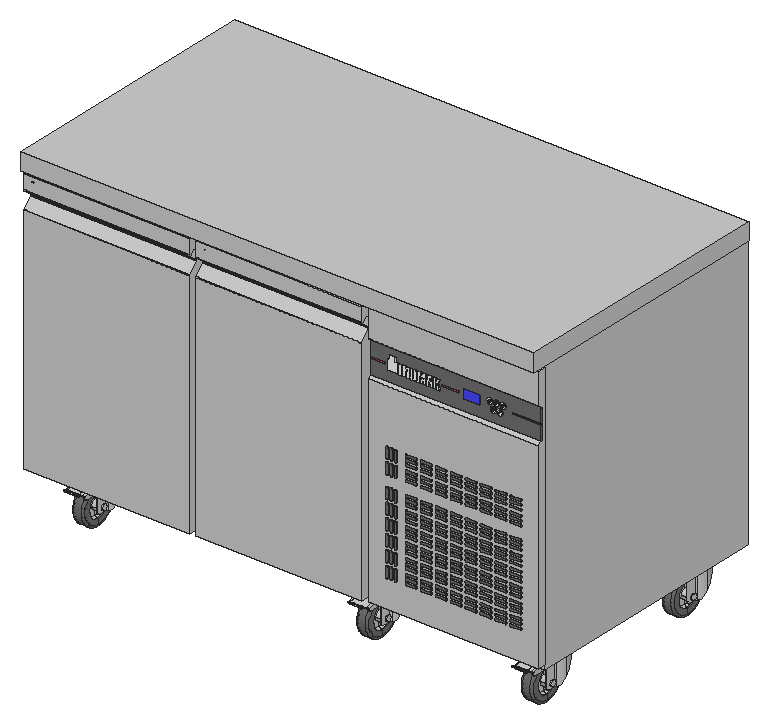
Revit family "QF_INOMAK_PNRP99_250528074223", category Specialty Equipment, Revit 2021 (continued)
Definition of nested family "QF_INOMAK_REF_COUNTERS_DOORS_DRAWERS_6956"
  Definition of nested family "3_Drawers_1-3"
    Forms (mm)
      Extrusion 6, solid, material <- "Finish", visible <- "3 Drawers"
        sketch origin (35, 0, -441.333) x (0, -1, 0) y (0, 0, 1)
          loop
            line (665.734, 826.339) -> (665.734, 857.243)
            arc (665.734, 857.243) -> (666.433, 858.929) -> (668.119, 859.628) r 2.385
            line (668.119, 859.628) -> (680.029, 859.628) -> (686.544, 850.324)
            arc (686.544, 850.324) -> (688.671, 849.602) -> (690, 851.414) r 1.9
            line (690, 851.414) -> (690, 889.333) -> (648, 889.333) -> (648, 595.333) -> (690, 595.333)
        from 0 to -1130
    Lines and regions (mm)
      symbolic lines, visible <- "3 Drawers"
        curve 1: line (35, -850, 900) -> (35, -890, 900)
        curve 2: line (35, -890, 900) -> (1165, -890, 900)
        curve 3: line (1165, -890, 900) -> (1165, -850, 900)
        curve 4: line (1165, -850, 900) -> (35, -850, 900)
        curve 5: line (1135, -850, 900) -> (1135, -700, 900)
        curve 6: line (65, -850, 900) -> (65, -700, 900)
        curve 7: line (35, -1040, 900) -> (35, -1080, 900)
        curve 8: line (35, -1080, 900) -> (1165, -1080, 900)
        curve 9: line (1165, -1080, 900) -> (1165, -1040, 900)
        curve 10: line (1165, -1040, 900) -> (35, -1040, 900)
        curve 11: line (1135, -1040, 900) -> (1135, -890, 900)
        curve 12: line (65, -1040, 900) -> (65, -890, 900)
        curve 13: line (35, -1225, 900) -> (35, -1265, 900)
        curve 14: line (35, -1265, 900) -> (1165, -1265, 900)
        curve 15: line (1165, -1265, 900) -> (1165, -1225, 900)
        curve 16: line (1165, -1225, 900) -> (35, -1225, 900)
        curve 17: line (1135, -1225, 900) -> (1135, -1080, 900)
        curve 18: line (65, -1225, 900) -> (65, -1080, 900)
    Dimensions and locks
      "Length Actual": plane 3 "Left" to plane 4 "Right"
      "Depth Actual": plane 5 "Front" to plane 1 "Back"
      "Height Actual": plane 6 "Top" to plane 8 "Legs top"
      "Front inset": plane 7 "Front legs" to plane 5 "Front"
      "Plinth height": plane 8 "Legs top" to plane 2
      "Rear inset": plane 9 "Backsplash thickness" to plane 1 "Back"
      "Right panel thickness": plane 11 "Right panel" to plane 4 "Right"
      "Left panel thickness": plane 3 "Left" to plane 10 "Left panel"
      plane 14 to plane 15 = 4.667 mm
      equal spacing: plane 14, plane 12, plane 15
      locked: plane 16 to plane 13 at 2
      equal spacing: plane 18, plane 17, plane 19
      plane 18 to plane 19 = 5.333 mm
      "Bottom inset": plane 20 to plane 8 "Legs top"
      equal spacing: plane 21, plane 17, plane 12, plane 16
      "Top inset": plane 13 to plane 6 "Top"
      locked: plane 21 to plane 20 at 2
      aligned and locked: level to plane 2
      aligned and locked: Extrusion 1 to plane 11 "Right panel"
      aligned and locked: plane 10 "Left panel" to curve 1
      aligned and locked: plane 10 "Left panel" to curve 7
      aligned and locked: plane 10 "Left panel" to curve 13
      aligned and locked: Extrusion 2 sketch curve to plane 10 "Left panel"
      aligned and locked: plane 11 "Right panel" to Extrusion 2 sketch curve
      aligned and locked: Extrusion 3 sketch curve to plane 10 "Left panel"
      aligned and locked: plane 11 "Right panel" to Extrusion 3 sketch curve
      aligned and locked: Extrusion 4 sketch curve to plane 10 "Left panel"
      aligned and locked: plane 11 "Right panel" to Extrusion 4 sketch curve
      aligned and locked: Extrusion 2 to plane 13
      aligned and locked: Extrusion 3 to plane 15
      aligned and locked: Extrusion 4 to plane 19
      aligned and locked: Extrusion 5 to plane 11 "Right panel"
      aligned and locked: Extrusion 6 to plane 11 "Right panel"
      aligned and locked: Extrusion 1 sketch curve to plane 13
      aligned and locked: Extrusion 1 sketch curve to plane 7 "Front legs"
      aligned and locked: plane 18 to Extrusion 5 sketch curve
      aligned and locked: Extrusion 6 sketch curve to Extrusion 4  (x2)
      aligned and locked: Extrusion 5 sketch curve to plane 15
      aligned and locked: Extrusion 4 to Extrusion 5 sketch curve
      aligned and locked: Extrusion 6 sketch curve to plane 19
      aligned and locked: Extrusion 6 sketch curve to plane 20
    Automatic sketch dimensions
      Extrusion 2 sketch curve to plane 7 "Front legs" = 0 mm
      Extrusion 2 sketch curve to plane 5 "Front" = 565.045 mm
      Extrusion 3 sketch curve to plane 7 "Front legs" = 0 mm
      Extrusion 3 sketch curve to plane 5 "Front" = 565.045 mm
      Extrusion 4 sketch curve to plane 7 "Front legs" = 0 mm
      Extrusion 4 sketch curve to plane 5 "Front" = 565.045 mm
      curve 14 to plane 11 "Right panel" = 0 mm
      curve 8 to plane 11 "Right panel" = 0 mm
      curve 3 to plane 11 "Right panel" = 0 mm
      curve 6 to plane 5 "Front" = 0 mm
      curve 5 to plane 5 "Front" = 0 mm
      curve 1 to plane 5 "Front" = 150 mm
      curve 2 to curve 3 = 40 mm
      curve 10 to curve 1 = 150 mm
      curve 9 to curve 9 = 40 mm
      curve 13 to curve 7 = 145 mm
      curve 14 to curve 13 = 40 mm
      curve 3 to curve 5 = 30 mm
      curve 15 to curve 17 = 30 mm
      curve 11 to curve 17 = 0 mm
      curve 6 to plane 10 "Left panel" = 30 mm
      curve 18 to plane 10 "Left panel" = 30 mm
      curve 12 to curve 18 = 0 mm
      Extrusion 1 sketch curve to plane 14 = 0 mm
      Extrusion 1 sketch curve to plane 7 "Front legs" = 0 mm
      plane 7 "Front legs" to Extrusion 1 sketch curve = 0.515 mm
      plane 7 "Front legs" to Extrusion 1 sketch curve = 1.757 mm
      plane 7 "Front legs" to Extrusion 1 sketch curve = 1.9 mm
      Extrusion 1 sketch curve to Extrusion 1 sketch curve = 1.556 mm
      plane 7 "Front legs" to Extrusion 1 sketch curve = 9.971 mm
      plane 7 "Front legs" to Extrusion 1 sketch curve = 21.094 mm
      Extrusion 1 sketch curve to Extrusion 1 sketch curve = 11.91 mm
      Extrusion 1 sketch curve to Extrusion 1 sketch curve = 2.243 mm
      Extrusion 1 sketch curve to Extrusion 1 sketch curve = 2.385 mm
      Extrusion 1 sketch curve to Extrusion 1 sketch curve = 20.119 mm
      plane 13 to Extrusion 1 sketch curve = 85.635 mm
      Extrusion 1 sketch curve to Extrusion 1 sketch curve = 22.822 mm
      Extrusion 1 sketch curve to Extrusion 1 sketch curve = 19.985 mm
      Extrusion 1 sketch curve to Extrusion 1 sketch curve = 6.919 mm
      plane 15 to Extrusion 5 sketch curve = 59.328 mm
      Extrusion 5 sketch curve to Extrusion 5 sketch curve = 17.734 mm
      plane 15 to Extrusion 5 sketch curve = 61.571 mm
      Extrusion 5 sketch curve to Extrusion 5 sketch curve = 0.929 mm
      Extrusion 5 sketch curve to Extrusion 5 sketch curve = 2.385 mm
      Extrusion 5 sketch curve to Extrusion 5 sketch curve = 11.91 mm
      Extrusion 5 sketch curve to Extrusion 5 sketch curve = 6.515 mm
      Extrusion 5 sketch curve to Extrusion 5 sketch curve = 1.556 mm
      Extrusion 5 sketch curve to Extrusion 5 sketch curve = 21.58 mm
      plane 15 to Extrusion 5 sketch curve = 84.393 mm
      Extrusion 5 sketch curve to Extrusion 5 sketch curve = 1.242 mm
      Extrusion 5 sketch curve to Extrusion 5 sketch curve = 1.9 mm
      Extrusion 5 sketch curve to Extrusion 5 sketch curve = 0.515 mm
      Extrusion 5 sketch curve to Extrusion 5 sketch curve = 6.919 mm
      Extrusion 5 sketch curve to Extrusion 5 sketch curve = 30.039 mm
      plane 7 "Front legs" to Extrusion 6 sketch curve = 0.515 mm
      plane 7 "Front legs" to Extrusion 6 sketch curve = 1.757 mm
      plane 7 "Front legs" to Extrusion 6 sketch curve = 1.9 mm
      Extrusion 6 sketch curve to Extrusion 6 sketch curve = 1.556 mm
      plane 7 "Front legs" to Extrusion 6 sketch curve = 9.971 mm
      plane 7 "Front legs" to Extrusion 6 sketch curve = 21.094 mm
      Extrusion 6 sketch curve to Extrusion 6 sketch curve = 11.91 mm
      Extrusion 6 sketch curve to Extrusion 6 sketch curve = 2.243 mm
      Extrusion 6 sketch curve to Extrusion 6 sketch curve = 2.385 mm
      Extrusion 6 sketch curve to Extrusion 6 sketch curve = 20.119 mm
      plane 19 to Extrusion 6 sketch curve = 89.302 mm
      Extrusion 6 sketch curve to Extrusion 6 sketch curve = 22.822 mm
      Extrusion 6 sketch curve to Extrusion 6 sketch curve = 23.985 mm
      Extrusion 6 sketch curve to Extrusion 6 sketch curve = 6.919 mm
  Definition of nested family "2_Drawers_1-2"
    Parameters (values of type "2 Drawers 1-2")
      URL = "www.specifiglobal.com"
      Top inset [instance] = 4 mm
      Right panel thickness [instance] = 35 mm
      Rear inset [instance] = 10 mm
      Plinth height [instance] = 150 mm
      Model = ""
      Manufacturer = "DEMO CONSULTANT"
      Length Actual [instance] = 1200 mm
      Left panel thickness [instance] = 35 mm
      Height Actual [instance] = 900 mm
      Front inset [instance] = 10 mm
      Finish = none
      Doors drawers type [instance] = 4
      Description = ""
      Depth Actual [instance] = 700 mm
      Default Elevation = 0 mm
      Bottom inset [instance] = 4 mm
      Assembly Code = "E1090320"
      2 Drawers [instance] = Doors drawers type = 4  # yes
    Reference planes
      plane 1 "Back": y = 0
      plane 2: z = 0
      plane 3 "Left": x = 0
      plane 4 "Right": x = 1200
      plane 5 "Front": y = -700
      plane 6 "Top": z = 1050
      plane 7 "Front legs": y = -690
      plane 8 "Legs top": z = 150
      plane 9 "Backsplash thickness": y = -10
      plane 10 "Left panel": x = 35
      plane 11 "Right panel": x = 1165
      plane 12: z = 600
      plane 13: z = 1046
      plane 14: z = 602
      plane 15: z = 598
      plane 16: z = 154
    Forms (mm)
      Extrusion 1, solid, material <- "Finish", visible <- "2 Drawers"
        sketch origin (35, 0, 0) x (0, -1, 0) y (0, 0, 1)
          loop
            line (690, 602) -> (690, 960.365)
            arc (690, 960.365) -> (689.866, 961.037) -> (689.485, 961.607) r 1.757
            line (689.485, 961.607) -> (666.663, 984.429)
            arc (666.663, 984.429) -> (665.976, 985.458) -> (665.734, 986.672) r 3.172
            line (665.734, 986.672) -> (665.734, 1013.576)
            arc (665.734, 1013.576) -> (666.433, 1015.262) -> (668.119, 1015.961) r 2.385
            line (668.119, 1015.961) -> (680.029, 1015.961) -> (686.544, 1006.657)
            arc (686.544, 1006.657) -> (688.671, 1005.935) -> (690, 1007.747) r 1.9
            line (690, 1007.747) -> (690, 1046) -> (648, 1046) -> (648, 602) -> (690, 602)
        from 0 to -1130
      Extrusion 2, solid, visible <- "2 Drawers", detail levels coarse
        sketch origin (0, -640.463, 602) x (0, 1, 0) y (-1, 0, 0)
          loop
            line (-49.537, -35) -> (-624.537, -35) -> (-624.537, -1165) -> (-49.537, -1165) -> (-49.537, -35)
        from 0 to 444
      Extrusion 3, solid, visible <- "2 Drawers", detail levels coarse
        sketch origin (0, -700, 154) x (-1, 0, 0) y (0, 1, 0)
          loop
            line (-35, 10) -> (-1165, 10) -> (-1165, -565) -> (-35, -565) -> (-35, 10)
        from 0 to -444
      Extrusion 4, solid, material <- "Finish", visible <- "2 Drawers"
        sketch origin (35, 0, -441.333) x (0, -1, 0) y (0, 0, 1)
          loop
            line (690, 595.333) -> (690, 953.698)
            arc (690, 953.698) -> (689.866, 954.37) -> (689.485, 954.94) r 1.757
            line (689.485, 954.94) -> (666.663, 977.763)
            arc (666.663, 977.763) -> (665.976, 978.792) -> (665.734, 980.006) r 3.172
            line (665.734, 980.006) -> (665.734, 1006.909)
            arc (665.734, 1006.909) -> (666.433, 1008.596) -> (668.119, 1009.294) r 2.385
            line (668.119, 1009.294) -> (680.029, 1009.294) -> (686.544, 999.991)
            arc (686.544, 999.991) -> (688.671, 999.268) -> (690, 1001.08) r 1.9
            line (690, 1001.08) -> (690, 1039.333) -> (648, 1039.333) -> (648, 595.333) -> (690, 595.333)
        from 0 to -1130
    Lines and regions (mm)
      symbolic lines, visible <- "2 Drawers"
        curve 1: line (35, -940, 900) -> (35, -980, 900)
        curve 2: line (35, -980, 900) -> (1165, -980, 900)
        curve 3: line (1165, -980, 900) -> (1165, -940, 900)
        curve 4: line (1165, -940, 900) -> (35, -940, 900)
        curve 5: line (1135, -940, 900) -> (1135, -700, 900)
        curve 6: line (65, -940, 900) -> (65, -700, 900)
        curve 7: line (35, -1225, 900) -> (35, -1265, 900)
        curve 8: line (35, -1265, 900) -> (1165, -1265, 900)
        curve 9: line (1165, -1265, 900) -> (1165, -1225, 900)
        curve 10: line (1165, -1225, 900) -> (35, -1225, 900)
        curve 11: line (1135, -1225, 900) -> (1135, -980, 900)
        curve 12: line (65, -1225, 900) -> (65, -980, 900)
    Dimensions and locks
      "Length Actual": plane 3 "Left" to plane 4 "Right"
      "Depth Actual": plane 5 "Front" to plane 1 "Back"
      "Height Actual": plane 6 "Top" to plane 8 "Legs top"
      "Front inset": plane 7 "Front legs" to plane 5 "Front"
      "Plinth height": plane 8 "Legs top" to plane 2
      "Rear inset": plane 9 "Backsplash thickness" to plane 1 "Back"
      "Right panel thickness": plane 11 "Right panel" to plane 4 "Right"
      "Left panel thickness": plane 3 "Left" to plane 10 "Left panel"
      "Top inset": plane 6 "Top" to plane 13
      "Bottom inset": plane 16 to plane 8 "Legs top"
      equal spacing: plane 16, plane 12, plane 13
      locked: plane 14 to plane 12 at 2
      locked: plane 15 to plane 12 at 2
      aligned and locked: level to plane 2
      aligned and locked: Extrusion 1 to plane 11 "Right panel"
      aligned and locked: plane 10 "Left panel" to curve 1
      aligned and locked: plane 10 "Left panel" to curve 7
      aligned and locked: Extrusion 2 sketch curve to plane 10 "Left panel"
      aligned and locked: plane 11 "Right panel" to Extrusion 2 sketch curve
      aligned and locked: Extrusion 3 sketch curve to plane 10 "Left panel"
      aligned and locked: plane 11 "Right panel" to Extrusion 3 sketch curve
      aligned and locked: Extrusion 2 to plane 13
      aligned and locked: Extrusion 4 to plane 11 "Right panel"
      aligned and locked: Extrusion 3 to plane 15
      aligned and locked: Extrusion 1 sketch curve to plane 13
      aligned and locked: Extrusion 1 sketch curve to plane 7 "Front legs"
      aligned and locked: plane 14 to Extrusion 1 sketch curve
      aligned and locked: Extrusion 4 sketch curve to plane 15
      aligned and locked: Extrusion 4 sketch curve to plane 7 "Front legs"
      aligned and locked: Extrusion 4 sketch curve to plane 16
    Automatic sketch dimensions
      Extrusion 2 sketch curve to plane 7 "Front legs" = 0 mm
      Extrusion 2 sketch curve to plane 5 "Front" = 565 mm
      Extrusion 3 sketch curve to plane 7 "Front legs" = 0 mm
      Extrusion 3 sketch curve to plane 5 "Front" = 565 mm
      curve 9 to plane 11 "Right panel" = 0 mm
      curve 2 to plane 11 "Right panel" = 0 mm
      curve 5 to plane 5 "Front" = 0 mm
      curve 6 to plane 5 "Front" = 0 mm
      curve 1 to plane 5 "Front" = 240 mm
      curve 3 to curve 3 = 40 mm
      curve 7 to curve 1 = 245 mm
      curve 8 to curve 9 = 40 mm
      plane 11 "Right panel" to curve 5 = 30 mm
      curve 2 to curve 11 = 30 mm
      curve 6 to plane 10 "Left panel" = 30 mm
      curve 12 to plane 10 "Left panel" = 30 mm
      Extrusion 1 sketch curve to Extrusion 1 sketch curve = 17.734 mm
      Extrusion 1 sketch curve to Extrusion 1 sketch curve = 0.929 mm
      Extrusion 1 sketch curve to Extrusion 1 sketch curve = 2.385 mm
      Extrusion 1 sketch curve to Extrusion 1 sketch curve = 3.172 mm
      Extrusion 1 sketch curve to Extrusion 1 sketch curve = 11.91 mm
      Extrusion 1 sketch curve to Extrusion 1 sketch curve = 6.515 mm
      Extrusion 1 sketch curve to Extrusion 1 sketch curve = 1.556 mm
      Extrusion 1 sketch curve to Extrusion 1 sketch curve = 21.58 mm
      Extrusion 1 sketch curve to Extrusion 1 sketch curve = 1.242 mm
      Extrusion 1 sketch curve to Extrusion 1 sketch curve = 1.9 mm
      Extrusion 1 sketch curve to Extrusion 1 sketch curve = 0.515 mm
      Extrusion 1 sketch curve to Extrusion 1 sketch curve = 22.822 mm
      Extrusion 1 sketch curve to Extrusion 1 sketch curve = 19.985 mm
      Extrusion 1 sketch curve to Extrusion 1 sketch curve = 6.919 mm
      Extrusion 1 sketch curve to Extrusion 1 sketch curve = 30.039 mm
      Extrusion 4 sketch curve to plane 7 "Front legs" = 0 mm
      plane 7 "Front legs" to Extrusion 4 sketch curve = 0.515 mm
      plane 7 "Front legs" to Extrusion 4 sketch curve = 1.757 mm
      plane 7 "Front legs" to Extrusion 4 sketch curve = 1.9 mm
      Extrusion 4 sketch curve to Extrusion 4 sketch curve = 1.556 mm
      plane 7 "Front legs" to Extrusion 4 sketch curve = 9.971 mm
      plane 7 "Front legs" to Extrusion 4 sketch curve = 21.094 mm
      Extrusion 4 sketch curve to Extrusion 4 sketch curve = 11.91 mm
      Extrusion 4 sketch curve to Extrusion 4 sketch curve = 2.243 mm
      Extrusion 4 sketch curve to Extrusion 4 sketch curve = 2.385 mm
      Extrusion 4 sketch curve to Extrusion 4 sketch curve = 20.119 mm
      Extrusion 4 sketch curve to Extrusion 4 sketch curve = 22.822 mm
      Extrusion 4 sketch curve to Extrusion 4 sketch curve = 19.985 mm
      Extrusion 4 sketch curve to Extrusion 4 sketch curve = 6.919 mm
      Extrusion 4 sketch curve to Extrusion 4 sketch curve = 30.039 mm
  Definition of nested family "2_Drawers_1-3_2-3"
    Parameters (values of type "2 Drawers 1-3 and 2-3")
      URL = "www.specifiglobal.com"
      Top inset [instance] = 4 mm
      Right panel thickness [instance] = 35 mm
      Rear inset [instance] = 10 mm
      Plinth height [instance] = 150 mm
      Model = ""
      Manufacturer = "DEMO CONSULTANT"
      Length Actual [instance] = 1200 mm
      Left panel thickness [instance] = 35 mm
      Height Actual [instance] = 900 mm
      Front inset [instance] = 10 mm
      Finish = none
      Doors drawers type [instance] = 5
      Description = ""
      Depth Actual [instance] = 700 mm
      Default Elevation = 0 mm
      Bottom inset [instance] = 4 mm
      Assembly Code = "E1090320"
      2 Drawers 1-3 and 2-3 [instance] = Doors drawers type = 5  # yes
    Reference planes
      plane 1 "Back": y = 0
      plane 2: z = 0
      plane 3 "Left": x = 0
      plane 4 "Right": x = 1200
      plane 5 "Front": y = -700
      plane 6 "Top": z = 1050
      plane 7 "Front legs": y = -690
      plane 8 "Legs top": z = 150
      plane 9 "Backsplash thickness": y = -10
      plane 10 "Left panel": x = 35
      plane 11 "Right panel": x = 1165
      plane 12: z = 1046
      plane 13: z = 751.833
      plane 14: z = 746.833
      plane 15: z = 154
      plane 16: z = 450.667
      plane 17: z = 152
      plane 18: z = 1048
      plane 19: z = 749.333
    Forms (mm)
      Extrusion 1, solid, material <- "Finish", visible <- "2 Drawers 1-3 and 2-3"
        sketch origin (35, 0, 0) x (0, -1, 0) y (0, 0, 1)
          loop
            line (690, 751.833) -> (690, 960.365)
            arc (690, 960.365) -> (689.866, 961.037) -> (689.485, 961.607) r 1.757
            line (689.485, 961.607) -> (666.663, 984.429)
            arc (666.663, 984.429) -> (665.976, 985.458) -> (665.734, 986.672) r 3.172
            line (665.734, 986.672) -> (665.734, 1013.576)
            arc (665.734, 1013.576) -> (666.433, 1015.262) -> (668.119, 1015.961) r 2.385
            line (668.119, 1015.961) -> (680.029, 1015.961) -> (686.544, 1006.657)
            arc (686.544, 1006.657) -> (688.671, 1005.935) -> (690, 1007.747) r 1.9
            line (690, 1007.747) -> (690, 1046) -> (648, 1046) -> (648, 751.833) -> (690, 751.833)
        from 0 to -1130
      Extrusion 2, solid, visible <- "2 Drawers 1-3 and 2-3", detail levels coarse
        sketch origin (0, -640.463, 751.833) x (0, 1, 0) y (-1, 0, 0)
          loop
            line (-49.537, -35) -> (-624.537, -35) -> (-624.537, -1165) -> (-49.537, -1165) -> (-49.537, -35)
        from 0 to 294.167
      Extrusion 3, solid, visible <- "2 Drawers 1-3 and 2-3", detail levels coarse
        sketch origin (0, -700, 154) x (-1, 0, 0) y (0, 1, 0)
          loop
            line (-35, 10) -> (-1165, 10) -> (-1165, -565) -> (-35, -565) -> (-35, 10)
        from 0 to -592.833
      Extrusion 4, solid, material <- "Finish", visible <- "2 Drawers 1-3 and 2-3"
        sketch origin (35, 0, -441.333) x (0, -1, 0) y (0, 0, 1)
          loop
            line (690, 595.333) -> (690, 1101.698)
            arc (690, 1101.698) -> (689.866, 1102.37) -> (689.485, 1102.94) r 1.757
            line (689.485, 1102.94) -> (666.663, 1126.596)
            arc (666.663, 1126.596) -> (665.976, 1127.625) -> (665.734, 1128.839) r 3.172
            line (665.734, 1128.839) -> (665.734, 1155.743)
            arc (665.734, 1155.743) -> (666.433, 1157.429) -> (668.119, 1158.128) r 2.385
            line (668.119, 1158.128) -> (680.029, 1158.128) -> (686.544, 1148.824)
            arc (686.544, 1148.824) -> (688.671, 1148.102) -> (690, 1149.914) r 1.9
            line (690, 1149.914) -> (690, 1188.167) -> (648, 1188.167) -> (648, 595.333) -> (690, 595.333)
        from 0 to -1130
    Lines and regions (mm)
      symbolic lines, visible <- "2 Drawers 1-3 and 2-3"
        curve 1: line (35, -1000, 900) -> (35, -1040, 900)
        curve 2: line (35, -1040, 900) -> (1165, -1040, 900)
        curve 3: line (1165, -1040, 900) -> (1165, -1000, 900)
        curve 4: line (1165, -1000, 900) -> (35, -1000, 900)
        curve 5: line (1135, -1000, 900) -> (1135, -700, 900)
        curve 6: line (65, -1000, 900) -> (65, -700, 900)
        curve 7: line (35, -1225, 900) -> (35, -1265, 900)
        curve 8: line (35, -1265, 900) -> (1165, -1265, 900)
        curve 9: line (1165, -1265, 900) -> (1165, -1225, 900)
        curve 10: line (1165, -1225, 900) -> (35, -1225, 900)
        curve 11: line (1135, -1225, 900) -> (1135, -1040, 900)
        curve 12: line (65, -1225, 900) -> (65, -1040, 900)
    Dimensions and locks
      "Length Actual": plane 3 "Left" to plane 4 "Right"
      "Depth Actual": plane 5 "Front" to plane 1 "Back"
      "Height Actual": plane 6 "Top" to plane 8 "Legs top"
      "Front inset": plane 7 "Front legs" to plane 5 "Front"
      "Plinth height": plane 8 "Legs top" to plane 2
      "Rear inset": plane 9 "Backsplash thickness" to plane 1 "Back"
      "Right panel thickness": plane 11 "Right panel" to plane 4 "Right"
      "Left panel thickness": plane 3 "Left" to plane 10 "Left panel"
      "Top inset": plane 6 "Top" to plane 12
      locked: plane 13 to plane 14 at 5
      "Bottom inset": plane 15 to plane 8 "Legs top"
      equal spacing: plane 17, plane 16, plane 19, plane 18
      equal spacing: plane 12, plane 18, plane 6 "Top"
      equal spacing: plane 14, plane 19, plane 13
      equal spacing: plane 15, plane 17, plane 8 "Legs top"
      aligned and locked: level to plane 2
      aligned and locked: Extrusion 1 to plane 11 "Right panel"
      aligned and locked: plane 10 "Left panel" to curve 1
      aligned and locked: plane 10 "Left panel" to curve 7
      aligned and locked: Extrusion 2 sketch curve to plane 10 "Left panel"
      aligned and locked: plane 11 "Right panel" to Extrusion 2 sketch curve
      aligned and locked: Extrusion 3 sketch curve to plane 10 "Left panel"
      aligned and locked: plane 11 "Right panel" to Extrusion 3 sketch curve
      aligned and locked: Extrusion 2 to plane 12
      aligned and locked: Extrusion 4 to plane 11 "Right panel"
      aligned and locked: Extrusion 3 to plane 14
      aligned and locked: plane 13 to Extrusion 1 sketch curve
      aligned and locked: Extrusion 2 to Extrusion 1 sketch curve
      aligned and locked: Extrusion 3 to Extrusion 4 sketch curve
      aligned and locked: Extrusion 4 sketch curve to Extrusion 3  (x2)
      aligned and locked: Extrusion 1 sketch curve to plane 7 "Front legs"
    Automatic sketch dimensions
      Extrusion 2 sketch curve to plane 7 "Front legs" = 0 mm
      Extrusion 2 sketch curve to plane 5 "Front" = 565 mm
      Extrusion 3 sketch curve to plane 7 "Front legs" = 0 mm
      Extrusion 3 sketch curve to plane 5 "Front" = 565 mm
      curve 9 to plane 11 "Right panel" = 0 mm
      curve 2 to plane 11 "Right panel" = 0 mm
      curve 5 to plane 5 "Front" = 0 mm
      curve 6 to plane 5 "Front" = 0 mm
      curve 1 to plane 5 "Front" = 300 mm
      curve 3 to curve 3 = 40 mm
      curve 7 to curve 1 = 185 mm
      curve 8 to curve 9 = 40 mm
      plane 11 "Right panel" to curve 5 = 30 mm
      curve 11 to curve 5 = 0 mm
      curve 6 to plane 10 "Left panel" = 30 mm
      curve 12 to curve 6 = 0 mm
      Extrusion 1 sketch curve to plane 7 "Front legs" = 0 mm
      plane 7 "Front legs" to Extrusion 1 sketch curve = 0.515 mm
      plane 7 "Front legs" to Extrusion 1 sketch curve = 1.757 mm
      plane 7 "Front legs" to Extrusion 1 sketch curve = 1.9 mm
      Extrusion 1 sketch curve to Extrusion 1 sketch curve = 1.556 mm
      plane 7 "Front legs" to Extrusion 1 sketch curve = 9.971 mm
      plane 7 "Front legs" to Extrusion 1 sketch curve = 21.094 mm
      Extrusion 1 sketch curve to Extrusion 1 sketch curve = 11.91 mm
      Extrusion 1 sketch curve to Extrusion 1 sketch curve = 2.243 mm
      Extrusion 1 sketch curve to Extrusion 1 sketch curve = 2.385 mm
      Extrusion 1 sketch curve to Extrusion 1 sketch curve = 20.119 mm
      plane 12 to Extrusion 1 sketch curve = 85.635 mm
      Extrusion 1 sketch curve to Extrusion 1 sketch curve = 22.822 mm
      Extrusion 1 sketch curve to Extrusion 1 sketch curve = 19.985 mm
      Extrusion 1 sketch curve to Extrusion 1 sketch curve = 6.919 mm
      plane 12 to Extrusion 1 sketch curve = 0 mm
      Extrusion 4 sketch curve to plane 7 "Front legs" = 0 mm
      plane 7 "Front legs" to Extrusion 4 sketch curve = 0.515 mm
      plane 7 "Front legs" to Extrusion 4 sketch curve = 1.9 mm
      Extrusion 4 sketch curve to Extrusion 4 sketch curve = 1.556 mm
      plane 7 "Front legs" to Extrusion 4 sketch curve = 9.971 mm
      plane 7 "Front legs" to Extrusion 4 sketch curve = 21.094 mm
      Extrusion 4 sketch curve to Extrusion 4 sketch curve = 11.91 mm
      Extrusion 4 sketch curve to Extrusion 4 sketch curve = 2.243 mm
      Extrusion 4 sketch curve to Extrusion 4 sketch curve = 2.385 mm
      Extrusion 4 sketch curve to Extrusion 4 sketch curve = 20.119 mm
      Extrusion 4 sketch curve to Extrusion 4 sketch curve = 86.469 mm
      Extrusion 4 sketch curve to Extrusion 4 sketch curve = 23.656 mm
      Extrusion 4 sketch curve to Extrusion 4 sketch curve = 19.985 mm
      Extrusion 4 sketch curve to Extrusion 4 sketch curve = 6.919 mm
      plane 7 "Front legs" to Extrusion 4 sketch curve = 1.757 mm
  Definition of nested family "Sliding_Doors"
    Parameters (values of type "Sliding doors")
      URL = "www.specifiglobal.com"
      Top inset [instance] = 4 mm
      Sliding doors [instance] = Doors drawers type = 2  # yes
      Right panel thickness [instance] = 35 mm
      Rear inset [instance] = 10 mm
      Plinth height [instance] = 150 mm
      Model = ""
      Manufacturer = "DEMO CONSULTANT"
      Length Actual [instance] = 1200 mm
      Left panel thickness [instance] = 35 mm
      Height Actual [instance] = 900 mm
      Front inset [instance] = 10 mm
      Finish [instance] = none
      Doors drawers type [instance] = 2
      Description = ""
      Depth Actual [instance] = 700 mm
      Default Elevation = 0 mm
      Bottom inset [instance] = 4 mm
      Assembly Code = "E1090320"
    Reference planes
      plane 1 "Back": y = 0
      plane 2: z = 0
      plane 3 "Left": x = 0
      plane 4 "Right": x = 1200
      plane 5 "Front": y = -700
      plane 6 "Top": z = 1050
      plane 7 "Front legs": y = -690
      plane 8 "Legs top": z = 150
      plane 9 "Backsplash thickness": y = -10
      plane 10: x = 35
      plane 11: x = 1165
      plane 12 "Center Left-Right": x = 600
      plane 13: z = 154
      plane 14: z = 1046
    Forms (mm)
      Extrusion 1, solid, material <- "Finish", visible <- "Sliding doors"
        sketch origin (0, -690, 154) x (-1, 0, 0) y (0, 1, 0)
          loop
            line (-35, 10) -> (-35, 20) -> (-620, 20) -> (-620, 0) -> (-91.156, 0)
            arc (-91.156, 0) -> (-85.272, 0.885) -> (-79.91, 3.461) r 20
            line (-79.91, 3.461) -> (-60, 17) -> (-38, 17) -> (-38, 10)
            arc (-38, 10) -> (-40.05, 5.05) -> (-45, 3) r 7
            line (-45, 3) -> (-50.012, 3) -> (-50.012, 0) -> (-45, 0)
            arc (-45, 0) -> (-37.929, 2.929) -> (-35, 10) r 10
        from 0 to -892
      Extrusion 2, solid, material <- "Finish", visible <- "Sliding doors"
        sketch origin (0, -689, 154) x (-1, 0, 0) y (0, 1, 0)
          loop
            arc (-1065, 30) -> (-1062.071, 22.929) -> (-1055, 20) r 10
            line (-1055, 20) -> (-1049.988, 20) -> (-1049.988, 23) -> (-1055, 23)
            arc (-1055, 23) -> (-1059.95, 25.05) -> (-1062, 30) r 7
            line (-1062, 30) -> (-1062, 37) -> (-1040, 37) -> (-1020.09, 23.461)
            arc (-1020.09, 23.461) -> (-1014.728, 20.885) -> (-1008.844, 20) r 20
            line (-1008.844, 20) -> (-480, 20) -> (-480, 40) -> (-1065, 40) -> (-1065, 30)
        from 0 to -892
    Lines and regions (mm)
      symbolic lines, visible <- "Sliding doors"
        curve 1: line (1065, -649, 150) -> (480, -649, 150)
        curve 2: line (1065, -669, 150) -> (1065, -649, 150)
        curve 3: line (480, -669, 150) -> (1065, -669, 150)
        curve 4: line (480, -649, 150) -> (480, -669, 150)
        curve 5: line (620, -690, 150) -> (35, -690, 150)
        curve 6: line (620, -670, 150) -> (620, -690, 150)
        curve 7: line (35, -670, 150) -> (620, -670, 150)
        curve 8: line (35, -690, 150) -> (35, -670, 150)
    Dimensions and locks
      "Length Actual": plane 3 "Left" to plane 4 "Right"
      "Depth Actual": plane 5 "Front" to plane 1 "Back"
      "Height Actual": plane 6 "Top" to plane 8 "Legs top"
      "Front inset": plane 7 "Front legs" to plane 5 "Front"
      "Plinth height": plane 8 "Legs top" to plane 2
      "Rear inset": plane 9 "Backsplash thickness" to plane 1 "Back"
      "Right panel thickness": plane 11 to plane 4 "Right"
      "Left panel thickness": plane 3 "Left" to plane 10
      equal spacing: plane 10, plane 12 "Center Left-Right", plane 11
      "Top inset": plane 6 "Top" to plane 14
      "Bottom inset": plane 13 to plane 8 "Legs top"
      locked: plane 12 "Center Left-Right" to curve 4 at 120
      locked: plane 12 "Center Left-Right" to curve 5 at 20
      locked: plane 11 to curve 1 at 100
      aligned and locked: level to plane 2
      aligned and locked: Extrusion 1 sketch curve to plane 7 "Front legs"
      aligned and locked: Extrusion 1 sketch curve to plane 10
      aligned and locked: Extrusion 1 to plane 14
      aligned and locked: Extrusion 2 to plane 14
      aligned and locked: curve 8 to plane 10
    Automatic sketch dimensions
      Extrusion 2 sketch curve to Extrusion 2 sketch curve = 0 mm  (x2)
      plane 11 to Extrusion 2 sketch curve = 100 mm
      Extrusion 2 sketch curve to Extrusion 2 sketch curve = 3 mm
      Extrusion 2 sketch curve to Extrusion 2 sketch curve = 7 mm  (x2)
      Extrusion 2 sketch curve to Extrusion 2 sketch curve = 5.012 mm
      plane 7 "Front legs" to Extrusion 2 sketch curve = 38 mm
      Extrusion 2 sketch curve to Extrusion 2 sketch curve = 15 mm
      plane 7 "Front legs" to Extrusion 2 sketch curve = 24.461 mm
      Extrusion 2 sketch curve to Extrusion 2 sketch curve = 19.91 mm
      Extrusion 2 sketch curve to Extrusion 2 sketch curve = 11.246 mm
      Extrusion 2 sketch curve to plane 12 "Center Left-Right" = 120 mm
      Extrusion 2 sketch curve to Extrusion 2 sketch curve = 16.539 mm
      Extrusion 2 sketch curve to Extrusion 2 sketch curve = 20 mm
      Extrusion 1 sketch curve to Extrusion 1 sketch curve = 0 mm  (x2)
      Extrusion 1 sketch curve to plane 7 "Front legs" = 0 mm
      Extrusion 1 sketch curve to plane 10 = 3 mm
      Extrusion 1 sketch curve to Extrusion 1 sketch curve = 7 mm
      Extrusion 1 sketch curve to Extrusion 1 sketch curve = 5.012 mm
      Extrusion 1 sketch curve to Extrusion 1 sketch curve = 15 mm
      plane 7 "Front legs" to Extrusion 1 sketch curve = 3.461 mm
      Extrusion 1 sketch curve to Extrusion 1 sketch curve = 19.91 mm
      Extrusion 1 sketch curve to Extrusion 1 sketch curve = 11.246 mm
      plane 12 "Center Left-Right" to Extrusion 1 sketch curve = 20 mm
      Extrusion 1 sketch curve to Extrusion 1 sketch curve = 20 mm
      Extrusion 1 sketch curve to Extrusion 1 sketch curve = 3 mm
      curve 8 to plane 7 "Front legs" = 0 mm
      curve 5 to curve 6 = 20 mm
      plane 7 "Front legs" to curve 2 = 21 mm
      curve 2 to curve 2 = 20 mm
  Definition of nested family "4_Drawers_1-4"
    Parameters (values of type "4 Drawers 1-4")
      URL = "www.specifiglobal.com"
      Top inset [instance] = 4 mm
      Right panel thickness [instance] = 35 mm
      Rear inset [instance] = 10 mm
      Plinth height [instance] = 150 mm
      Model = ""
      Manufacturer = "DEMO CONSULTANT"
      Length Actual [instance] = 1200 mm
      Left panel thickness [instance] = 35 mm
      Height Actual [instance] = 900 mm
      Front inset [instance] = 10 mm
      Finish [instance] = none
      Doors drawers type [instance] = 7
      Description = ""
      Depth Actual [instance] = 700 mm
      Default Elevation = 0 mm
      Bottom inset [instance] = 4 mm
      Assembly Code = "E1090320"
      4 Drawers [instance] = Doors drawers type = 7  # yes
    Reference planes
      plane 1 "Back": y = 0
      plane 2: z = 0
      plane 3 "Left": x = 0
      plane 4 "Right": x = 1200
      plane 5 "Front": y = -700
      plane 6 "Top": z = 1050
      plane 7 "Front legs": y = -690
      plane 8 "Legs top": z = 150
      plane 9 "Backsplash thickness": y = -10
      plane 10 "Left panel": x = 35
      plane 11 "Right panel": x = 1165
      plane 12: z = 824.25
      plane 13: z = 1046
      plane 14: z = 826.083
      plane 15: z = 822.417
      plane 16: z = 1048.5
      plane 17: z = 375.75
      plane 18: z = 377.917
      plane 19: z = 373.583
      plane 20: z = 154
      plane 21: z = 151.5
      plane 22: z = 600
      plane 23: z = 601.833
      plane 24: z = 598.167
    Forms (mm)
      Extrusion 1, solid, material <- "Finish", visible <- "4 Drawers"
        sketch origin (35, 0, -1) x (0, -1, 0) y (0, 0, 1)
          loop
            line (680, 1047) -> (670, 1047) -> (670, 827.083) -> (690, 827.083) -> (690, 990.844)
            arc (690, 990.844) -> (689.115, 996.728) -> (686.539, 1002.09) r 20
            line (686.539, 1002.09) -> (673, 1022) -> (673, 1044) -> (680, 1044)
            arc (680, 1044) -> (684.95, 1041.95) -> (687, 1037) r 7
            line (687, 1037) -> (687, 1031.988) -> (690, 1031.988) -> (690, 1037)
            arc (690, 1037) -> (687.071, 1044.071) -> (680, 1047) r 10
        from 0 to -1130
      Extrusion 2, solid, visible <- "4 Drawers", detail levels coarse
        sketch origin (0, -640.463, 826.083) x (0, 1, 0) y (-1, 0, 0)
          loop
            line (-49.537, -35) -> (-624.537, -35) -> (-624.537, -1165) -> (-49.537, -1165) -> (-49.537, -35)
        from 0 to 219.917
      Extrusion 3, solid, visible <- "4 Drawers", detail levels coarse
        sketch origin (0, -700, 154) x (-1, 0, 0) y (0, 1, 0)
          loop
            line (-35, 10) -> (-1165, 10) -> (-1165, -565) -> (-35, -565) -> (-35, 10)
        from 0 to -219.583
      Extrusion 4, solid, material <- "Finish", visible <- "4 Drawers"
        sketch origin (35, 0, -440.333) x (0, -1, 0) y (0, 0, 1)
          loop
            line (680, 813.917) -> (670, 813.917) -> (670, 594.333) -> (690, 594.333) -> (690, 757.761)
            arc (690, 757.761) -> (689.115, 763.644) -> (686.539, 769.007) r 20
            line (686.539, 769.007) -> (673, 788.917) -> (673, 810.917) -> (680, 810.917)
            arc (680, 810.917) -> (684.95, 808.866) -> (687, 803.917) r 7
            line (687, 803.917) -> (687, 798.904) -> (690, 798.904) -> (690, 803.917)
            arc (690, 803.917) -> (687.071, 810.988) -> (680, 813.917) r 10
        from 0 to -1130
      Extrusion 5, solid, material <- "Finish", visible <- "4 Drawers"
        sketch origin (35, 0, -165.333) x (0, -1, 0) y (0, 0, 1)
          loop
            line (680, 987.75) -> (670, 987.75) -> (670, 767.167) -> (690, 767.167) -> (690, 931.594)
            arc (690, 931.594) -> (689.115, 937.478) -> (686.539, 942.84) r 20
            line (686.539, 942.84) -> (673, 962.75) -> (673, 984.75) -> (680, 984.75)
            arc (680, 984.75) -> (684.95, 982.7) -> (687, 977.75) r 7
            line (687, 977.75) -> (687, 972.738) -> (690, 972.738) -> (690, 977.75)
            arc (690, 977.75) -> (687.071, 984.821) -> (680, 987.75) r 10
        from 0 to -1130
      Extrusion 6, solid, material <- "Finish", visible <- "4 Drawers"
        sketch origin (35, 0, -330.333) x (0, -1, 0) y (0, 0, 1)
          loop
            line (680, 928.5) -> (670, 928.5) -> (670, 708.25) -> (690, 708.25) -> (690, 872.344)
            arc (690, 872.344) -> (689.115, 878.228) -> (686.539, 883.59) r 20
            line (686.539, 883.59) -> (673, 903.5) -> (673, 925.5) -> (680, 925.5)
            arc (680, 925.5) -> (684.95, 923.45) -> (687, 918.5) r 7
            line (687, 918.5) -> (687, 913.488) -> (690, 913.488) -> (690, 918.5)
            arc (690, 918.5) -> (687.071, 925.571) -> (680, 928.5) r 10
        from 0 to -1130
      Extrusion 7, solid, visible <- "4 Drawers", detail levels coarse
        sketch origin (0, -500.463, 601.833) x (0, 1, 0) y (-1, 0, 0)
          loop
            line (-189.537, -35) -> (-764.537, -35) -> (-764.537, -1165) -> (-189.537, -1165) -> (-189.537, -35)
        from 0 to 220.583
      Extrusion 8, solid, visible <- "4 Drawers", detail levels coarse
        sketch origin (0, -540.463, 377.917) x (0, 1, 0) y (-1, 0, 0)
          loop
            line (-149.537, -35) -> (-724.537, -35) -> (-724.537, -1165) -> (-149.537, -1165) -> (-149.537, -35)
        from 0 to 220.25
    Lines and regions (mm)
      symbolic lines, visible <- "4 Drawers"
        curve 1: line (35, -945, 900) -> (35, -985, 900)
        curve 2: line (35, -985, 900) -> (1165, -985, 900)
        curve 3: line (1165, -985, 900) -> (1165, -945, 900)
        curve 4: line (1165, -945, 900) -> (35, -945, 900)
        curve 5: line (1135, -945, 900) -> (1135, -845, 900)
        curve 6: line (65, -945, 900) -> (65, -845, 900)
        curve 7: line (35, -1085, 900) -> (35, -1125, 900)
        curve 8: line (35, -1125, 900) -> (1165, -1125, 900)
        curve 9: line (1165, -1125, 900) -> (1165, -1085, 900)
        curve 10: line (1165, -1085, 900) -> (35, -1085, 900)
        curve 11: line (1135, -1085, 900) -> (1135, -985, 900)
        curve 12: line (65, -1085, 900) -> (65, -985, 900)
        curve 13: line (35, -1225, 900) -> (35, -1265, 900)
        curve 14: line (35, -1265, 900) -> (1165, -1265, 900)
        curve 15: line (1165, -1265, 900) -> (1165, -1225, 900)
        curve 16: line (1165, -1225, 900) -> (35, -1225, 900)
        curve 17: line (1135, -1225, 900) -> (1135, -1125, 900)
        curve 18: line (65, -1225, 900) -> (65, -1125, 900)
        curve 19: line (35, -805, 900) -> (35, -845, 900)
        curve 20: line (35, -845, 900) -> (1165, -845, 900)
        curve 21: line (1165, -845, 900) -> (1165, -805, 900)
        curve 22: line (1165, -805, 900) -> (35, -805, 900)
        curve 23: line (65, -805, 900) -> (65, -700, 900)
        curve 24: line (1135, -805, 900) -> (1135, -700, 900)
    Dimensions and locks
      "Length Actual": plane 3 "Left" to plane 4 "Right"
      "Depth Actual": plane 5 "Front" to plane 1 "Back"
      "Height Actual": plane 6 "Top" to plane 8 "Legs top"
      "Front inset": plane 7 "Front legs" to plane 5 "Front"
      "Plinth height": plane 8 "Legs top" to plane 2
      "Rear inset": plane 9 "Backsplash thickness" to plane 1 "Back"
      "Right panel thickness": plane 11 "Right panel" to plane 4 "Right"
      "Left panel thickness": plane 3 "Left" to plane 10 "Left panel"
      locked: plane 14 to plane 15 at 3.667
      equal spacing: plane 14, plane 12, plane 15
      locked: plane 23 to plane 24 at 3.667
      equal spacing: plane 23, plane 22, plane 24
      "Bottom inset": plane 20 to plane 8 "Legs top"
      equal spacing: plane 19, plane 17, plane 18
      locked: plane 19 to plane 18 at 4.333
      equal spacing: plane 21, plane 17, plane 22, plane 12, plane 16
      locked: plane 13 to plane 16 at 2.5
      "Top inset": plane 13 to plane 6 "Top"
      locked: plane 21 to plane 20 at 2.5
      aligned and locked: level to plane 2
      aligned and locked: plane 7 "Front legs" to Extrusion 1 sketch curve  (x2)
      aligned and locked: Extrusion 1 to plane 11 "Right panel"
      aligned and locked: Extrusion 1 sketch curve to plane 13
      aligned and locked: Extrusion 1 sketch curve to plane 14
      aligned and locked: plane 10 "Left panel" to curve 1
      aligned and locked: plane 10 "Left panel" to curve 7
      aligned and locked: plane 10 "Left panel" to curve 13
      aligned and locked: Extrusion 2 sketch curve to plane 10 "Left panel"
      aligned and locked: plane 11 "Right panel" to Extrusion 2 sketch curve
      aligned and locked: Extrusion 3 sketch curve to plane 10 "Left panel"
      aligned and locked: plane 11 "Right panel" to Extrusion 3 sketch curve
      aligned and locked: Extrusion 2 to plane 13
      aligned and locked: Extrusion 3 to plane 19
      aligned and locked: plane 20 to Extrusion 4 sketch curve
      aligned and locked: Extrusion 4 to plane 11 "Right panel"
      aligned and locked: Extrusion 5 sketch curve to plane 15
      aligned and locked: plane 7 "Front legs" to Extrusion 5 sketch curve
      aligned and locked: Extrusion 5 sketch curve to plane 23
      aligned and locked: Extrusion 6 sketch curve to plane 24
      aligned and locked: plane 7 "Front legs" to Extrusion 6 sketch curve
      aligned and locked: Extrusion 6 sketch curve to plane 18
      aligned and locked: Extrusion 7 to plane 15
      aligned and locked: Extrusion 8 to plane 24
      aligned and locked: Extrusion 5 to plane 11 "Right panel"
      aligned and locked: Extrusion 6 to plane 11 "Right panel"
    Automatic sketch dimensions
      Extrusion 1 sketch curve to Extrusion 1 sketch curve = 0 mm  (x2)
      plane 7 "Front legs" to Extrusion 1 sketch curve = 3 mm
      plane 7 "Front legs" to Extrusion 1 sketch curve = 3.461 mm
      plane 7 "Front legs" to Extrusion 1 sketch curve = 10 mm
      Extrusion 1 sketch curve to Extrusion 1 sketch curve = 7 mm
      plane 7 "Front legs" to Extrusion 1 sketch curve = 20 mm  (x2)
      Extrusion 1 sketch curve to Extrusion 1 sketch curve = 46.156 mm
      Extrusion 1 sketch curve to Extrusion 1 sketch curve = 15 mm
      Extrusion 1 sketch curve to Extrusion 1 sketch curve = 5.012 mm
      Extrusion 2 sketch curve to plane 7 "Front legs" = 0 mm
      Extrusion 2 sketch curve to plane 5 "Front" = 565 mm
      Extrusion 3 sketch curve to plane 7 "Front legs" = 0 mm
      Extrusion 3 sketch curve to plane 5 "Front" = 565 mm
      Extrusion 5 sketch curve to Extrusion 5 sketch curve = 0 mm  (x2)
      Extrusion 5 sketch curve to plane 7 "Front legs" = 0 mm
      plane 7 "Front legs" to Extrusion 5 sketch curve = 3 mm
      plane 7 "Front legs" to Extrusion 5 sketch curve = 3.461 mm
      plane 7 "Front legs" to Extrusion 5 sketch curve = 10 mm
      Extrusion 5 sketch curve to Extrusion 5 sketch curve = 7 mm
      plane 7 "Front legs" to Extrusion 5 sketch curve = 20 mm  (x2)
      Extrusion 5 sketch curve to Extrusion 5 sketch curve = 46.156 mm
      Extrusion 5 sketch curve to Extrusion 5 sketch curve = 15 mm
      Extrusion 5 sketch curve to Extrusion 5 sketch curve = 5.012 mm
      Extrusion 6 sketch curve to Extrusion 6 sketch curve = 0 mm  (x2)
      Extrusion 6 sketch curve to plane 7 "Front legs" = 0 mm
      plane 7 "Front legs" to Extrusion 6 sketch curve = 3 mm
      plane 7 "Front legs" to Extrusion 6 sketch curve = 3.461 mm
      plane 7 "Front legs" to Extrusion 6 sketch curve = 10 mm
      Extrusion 6 sketch curve to Extrusion 6 sketch curve = 7 mm
      plane 7 "Front legs" to Extrusion 6 sketch curve = 20 mm  (x2)
      Extrusion 6 sketch curve to Extrusion 6 sketch curve = 46.156 mm
      Extrusion 6 sketch curve to Extrusion 6 sketch curve = 15 mm
      Extrusion 6 sketch curve to Extrusion 6 sketch curve = 5.012 mm
      curve 14 to plane 11 "Right panel" = 0 mm
      curve 8 to plane 11 "Right panel" = 0 mm
      curve 2 to plane 11 "Right panel" = 0 mm
      curve 21 to plane 11 "Right panel" = 0 mm
      curve 20 to plane 10 "Left panel" = 0 mm
      curve 23 to plane 5 "Front" = 0 mm
      curve 24 to plane 5 "Front" = 0 mm
      curve 21 to plane 5 "Front" = 105 mm
      curve 20 to curve 21 = 40 mm
      curve 3 to curve 20 = 100 mm
      curve 3 to curve 3 = 40 mm
      curve 10 to curve 1 = 100 mm
      curve 9 to curve 9 = 40 mm
      curve 15 to curve 8 = 100 mm
      curve 15 to curve 15 = 40 mm
      plane 11 "Right panel" to curve 24 = 30 mm
      curve 8 to curve 17 = 30 mm
      curve 11 to curve 17 = 0 mm
      curve 23 to plane 10 "Left panel" = 30 mm
      curve 12 to curve 6 = 0 mm
      curve 18 to curve 12 = 0 mm
      Extrusion 4 sketch curve to Extrusion 4 sketch curve = 0 mm  (x2)
      plane 19 to Extrusion 4 sketch curve = 0 mm
      Extrusion 4 sketch curve to plane 7 "Front legs" = 0 mm  (x2)
      plane 7 "Front legs" to Extrusion 4 sketch curve = 3 mm
      plane 7 "Front legs" to Extrusion 4 sketch curve = 3.461 mm
      plane 7 "Front legs" to Extrusion 4 sketch curve = 10 mm
      Extrusion 4 sketch curve to Extrusion 4 sketch curve = 7 mm
      plane 7 "Front legs" to Extrusion 4 sketch curve = 20 mm  (x2)
      Extrusion 4 sketch curve to Extrusion 4 sketch curve = 46.156 mm
      Extrusion 4 sketch curve to Extrusion 4 sketch curve = 15 mm
      Extrusion 4 sketch curve to Extrusion 4 sketch curve = 5.012 mm
      Extrusion 7 sketch curve to plane 10 "Left panel" = 0 mm
      Extrusion 7 sketch curve to plane 11 "Right panel" = 0 mm
      Extrusion 7 sketch curve to plane 7 "Front legs" = 0 mm
      Extrusion 7 sketch curve to plane 5 "Front" = 565 mm
      Extrusion 8 sketch curve to plane 10 "Left panel" = 0 mm
      Extrusion 8 sketch curve to plane 11 "Right panel" = 0 mm
      Extrusion 8 sketch curve to plane 7 "Front legs" = 0 mm
      Extrusion 8 sketch curve to plane 5 "Front" = 565 mm
      curve 6 to plane 10 "Left panel" = 30 mm
      curve 5 to curve 24 = 0 mm
  Definition of nested family "Hinged_Doors"
    Parameters (values of type "Hinged doors")
      URL = "www.specifiglobal.com"
      Top inset [instance] = 4 mm
      Right panel thickness [instance] = 35 mm
      Rear inset [instance] = 10 mm
      Plinth height [instance] = 150 mm
      Model = ""
      Manufacturer = "DEMO CONSULTANT"
      Length Actual [instance] = 1200 mm
      Left panel thickness [instance] = 35 mm
      Hinged doors [instance] = Doors drawers type = 3  # yes
      Height Actual [instance] = 900 mm
      Front inset [instance] = 10 mm
      Finish [instance] = none
      Doors drawers type [instance] = 3
      Description = ""
      Depth Actual [instance] = 700 mm
      Default Elevation = 0 mm
      Bottom inset [instance] = 4 mm
      Assembly Code = "E1090320"
    Reference planes
      plane 1 "Back": y = 0
      plane 2: z = 0
      plane 3 "Left": x = 0
      plane 4 "Right": x = 1200
      plane 5 "Front": y = -700
      plane 6 "Top": z = 1050
      plane 7 "Front legs": y = -690
      plane 8 "Legs top": z = 150
      plane 9 "Backsplash thickness": y = -10
      plane 10: x = 35
      plane 11: x = 1165
      plane 12 "Center Left-Right": x = 600
      plane 13: x = 597.5
      plane 14: x = 602.5
      plane 15: z = 154
      plane 16: z = 1046
    Forms (mm)
      Extrusion 1, solid, material <- "Finish", visible <- "Hinged doors"
        sketch origin (35, -2307.849, 4000) x (0, -1, 0) y (0, 0, 1)
          loop
            line (-1627.849, -2954) -> (-1637.849, -2954) -> (-1637.849, -3846) -> (-1617.849, -3846) -> (-1617.849, -3010.156)
            arc (-1617.849, -3010.156) -> (-1618.734, -3004.272) -> (-1621.31, -2998.91) r 20
            line (-1621.31, -2998.91) -> (-1634.849, -2979) -> (-1634.849, -2957) -> (-1627.849, -2957)
            arc (-1627.849, -2957) -> (-1622.899, -2959.05) -> (-1620.849, -2964) r 7
            line (-1620.849, -2964) -> (-1620.849, -2969.012) -> (-1617.849, -2969.012) -> (-1617.849, -2964)
            arc (-1617.849, -2964) -> (-1620.778, -2956.929) -> (-1627.849, -2954) r 10
        from 0 to -562.5
      Extrusion 2, solid, visible <- "Hinged doors", detail levels coarse
        sketch origin (0, -700, 154) x (-1, 0, 0) y (0, 1, 0)
          loop
            line (-35, 10) -> (-597.5, 10)
            arc (-597.5, 10) -> (-432.748, -387.748) -> (-35, -552.5) r 562.5
            line (-35, -552.5) -> (-35, 10)
        from 0 to -892
      Extrusion 3, solid, material <- "Finish", visible <- "Hinged doors"
        sketch origin (1165, -2312.576, 4000) x (0, -1, 0) y (0, 0, 1)
          loop
            line (-1632.576, -2954) -> (-1642.576, -2954) -> (-1642.576, -3846) -> (-1622.576, -3846) -> (-1622.576, -3010.156)
            arc (-1622.576, -3010.156) -> (-1623.46, -3004.272) -> (-1626.037, -2998.91) r 20
            line (-1626.037, -2998.91) -> (-1639.576, -2979) -> (-1639.576, -2957) -> (-1632.576, -2957)
            arc (-1632.576, -2957) -> (-1627.626, -2959.05) -> (-1625.576, -2964) r 7
            line (-1625.576, -2964) -> (-1625.576, -2969.012) -> (-1622.576, -2969.012) -> (-1622.576, -2964)
            arc (-1622.576, -2964) -> (-1625.504, -2956.929) -> (-1632.576, -2954) r 10
        from 0 to 562.5
      Extrusion 4, solid, visible <- "Hinged doors", detail levels coarse
        sketch origin (0, -700, 154) x (-1, 0, 0) y (0, 1, 0)
          loop
            line (-1165, 10) -> (-1165, -552.5)
            arc (-1165, -552.5) -> (-767.252, -387.748) -> (-602.5, 10) r 562.5
            line (-602.5, 10) -> (-1165, 10)
        from 0 to -892
    Lines and regions (mm)
      symbolic lines, visible <- "Hinged doors"
        curve 1: line (35, -700, 150) -> (35, -1252.5, 150)
        curve 2: arc (35, -1252.5, 150) -> (429.196, -1091.268, 150) -> (597.411, -700, 150) r 562.5
        curve 3: arc (602.589, -700, 150) -> (770.804, -1091.268, 150) -> (1165, -1252.5, 150) r 562.5
        curve 4: line (1165, -1252.5, 150) -> (1165, -700, 150)
    Dimensions and locks
      "Length Actual": plane 3 "Left" to plane 4 "Right"
      "Depth Actual": plane 5 "Front" to plane 1 "Back"
      "Height Actual": plane 6 "Top" to plane 8 "Legs top"
      "Front inset": plane 7 "Front legs" to plane 5 "Front"
      "Plinth height": plane 8 "Legs top" to plane 2
      "Rear inset": plane 9 "Backsplash thickness" to plane 1 "Back"
      "Right panel thickness": plane 11 to plane 4 "Right"
      "Left panel thickness": plane 3 "Left" to plane 10
      equal spacing: plane 10, plane 12 "Center Left-Right", plane 11
      plane 13 to plane 12 "Center Left-Right" = 2.5 mm
      plane 12 "Center Left-Right" to plane 14 = 2.5 mm
      "Bottom inset": plane 15 to plane 8 "Legs top"
      "Top inset": plane 16 to plane 6 "Top"
      aligned and locked: level to plane 2
      aligned and locked: Extrusion 1 to plane 13
      aligned and locked: plane 10 to Extrusion 2 sketch curve
      aligned and locked: plane 13 to Extrusion 2 sketch curve
      aligned and locked: plane 7 "Front legs" to Extrusion 2 sketch curve  (x2)
      aligned and locked: plane 14 to Extrusion 3
      aligned and locked: Extrusion 2 to curve 1
      aligned and locked: curve 2 to Extrusion 2
      aligned and locked: curve 3 to Extrusion 4
      aligned and locked: curve 4 to Extrusion 4
      aligned and locked: plane 5 "Front" to curve 1
      aligned and locked: plane 5 "Front" to curve 2
      aligned and locked: plane 5 "Front" to curve 3
      aligned and locked: plane 5 "Front" to curve 4
      aligned and locked: Extrusion 4 to plane 16
      aligned and locked: Extrusion 2 to plane 16
      aligned and locked: Extrusion 1 sketch curve to plane 16
      aligned and locked: Extrusion 1 sketch curve to plane 15
      aligned and locked: Extrusion 3 sketch curve to plane 15
      aligned and locked: Extrusion 3 sketch curve to plane 16
    Automatic sketch dimensions
      Extrusion 1 sketch curve to Extrusion 1 sketch curve = 0 mm  (x2)
      Extrusion 1 sketch curve to plane 7 "Front legs" = 0 mm  (x2)
      plane 7 "Front legs" to Extrusion 1 sketch curve = 3 mm
      plane 7 "Front legs" to Extrusion 1 sketch curve = 3.461 mm
      plane 7 "Front legs" to Extrusion 1 sketch curve = 10 mm
      Extrusion 1 sketch curve to Extrusion 1 sketch curve = 7 mm
      plane 7 "Front legs" to Extrusion 1 sketch curve = 20 mm  (x2)
      Extrusion 1 sketch curve to Extrusion 1 sketch curve = 46.156 mm
      Extrusion 1 sketch curve to Extrusion 1 sketch curve = 15 mm
      Extrusion 1 sketch curve to Extrusion 1 sketch curve = 5.012 mm
      Extrusion 3 sketch curve to Extrusion 3 sketch curve = 0 mm  (x2)
      Extrusion 3 sketch curve to plane 7 "Front legs" = 0 mm  (x2)
      Extrusion 3 sketch curve to Extrusion 3 sketch curve = 3 mm
      plane 7 "Front legs" to Extrusion 3 sketch curve = 3.461 mm
      plane 7 "Front legs" to Extrusion 3 sketch curve = 10 mm
      Extrusion 3 sketch curve to Extrusion 3 sketch curve = 7 mm
      Extrusion 3 sketch curve to Extrusion 3 sketch curve = 16.539 mm
      Extrusion 3 sketch curve to Extrusion 3 sketch curve = 20 mm
      Extrusion 3 sketch curve to Extrusion 3 sketch curve = 46.156 mm
      Extrusion 3 sketch curve to Extrusion 3 sketch curve = 15 mm
      Extrusion 3 sketch curve to Extrusion 3 sketch curve = 5.012 mm
      Extrusion 4 sketch curve to plane 11 = 0 mm
      Extrusion 4 sketch curve to plane 7 "Front legs" = 0 mm
      Extrusion 4 sketch curve to plane 14 = 0 mm
  Definition of nested family "Hopper"
    Parameters (values of type "Hopper")
      URL = "www.specifiglobal.com"
      Top inset [instance] = 4 mm
      Right panel thickness [instance] = 35 mm
      Rear inset [instance] = 10 mm
      Plinth height [instance] = 150 mm
      Model = ""
      Manufacturer = "DEMO CONSULTANT"
      Length Actual [instance] = 700 mm
      Left panel thickness [instance] = 35 mm
      Hopper [instance] = Doors drawers type = 10  # yes
      Height Actual [instance] = 900 mm
      Front inset [instance] = 10 mm
      Finish [instance] = none
      Doors drawers type [instance] = 10
      Description = ""
      Depth Actual [instance] = 700 mm
      Default Elevation = 0 mm
      Bottom inset [instance] = 4 mm
      Assembly Code = "E1090320"
      2 Drawers = yes
    Reference planes
      plane 1 "Back": y = 0
      plane 2: z = 0
      plane 3 "Left": x = 0
      plane 4 "Right": x = 700
      plane 5 "Front": y = -700
      plane 6 "Top": z = 1050
      plane 7 "Front legs": y = -690
      plane 8 "Legs top": z = 150
      plane 9 "Backsplash thickness": y = -10
      plane 10 "Left panel": x = 35
      plane 11 "Right panel": x = 665
      plane 12: z = 1046
      plane 13: z = 154
    Forms (mm)
      Extrusion 1, solid, material <- "Finish", visible <- "Hopper"
        sketch origin (35, 0, 0) x (0, -1, 0) y (0, 0, 1)
          loop
            line (690, 154) -> (690, 960.365)
            arc (690, 960.365) -> (689.866, 961.037) -> (689.485, 961.607) r 1.757
            line (689.485, 961.607) -> (666.663, 984.429)
            arc (666.663, 984.429) -> (665.976, 985.458) -> (665.734, 986.672) r 3.172
            line (665.734, 986.672) -> (665.734, 1013.576)
            arc (665.734, 1013.576) -> (666.433, 1015.262) -> (668.119, 1015.961) r 2.385
            line (668.119, 1015.961) -> (680.029, 1015.961) -> (686.544, 1006.657)
            arc (686.544, 1006.657) -> (688.671, 1005.935) -> (690, 1007.747) r 1.9
            line (690, 1007.747) -> (690, 1046) -> (648, 1046) -> (648, 154) -> (690, 154)
        from 0 to -630
      Extrusion 2, solid, visible <- "Hopper", detail levels coarse
        sketch origin (35, 0, 0) x (0, -1, 0) y (0, 0, 1)
          loop
            line (690, 154) -> (1265, 154) -> (1265, 1046) -> (690, 1046) -> (690, 154)
        from 0 to -630
    Lines and regions (mm)
      symbolic lines, visible <- "Hopper"
        curve 1: line (35, -1225, 900) -> (35, -1265, 900)
        curve 2: line (35, -1265, 900) -> (665, -1265, 900)
        curve 3: line (665, -1265, 900) -> (665, -1225, 900)
        curve 4: line (665, -1225, 900) -> (35, -1225, 900)
        curve 5: line (635, -1225, 900) -> (635, -700, 900)
        curve 6: line (65, -1225, 900) -> (65, -700, 900)
    Dimensions and locks
      "Length Actual": plane 3 "Left" to plane 4 "Right"
      "Depth Actual": plane 5 "Front" to plane 1 "Back"
      "Height Actual": plane 6 "Top" to plane 8 "Legs top"
      "Front inset": plane 7 "Front legs" to plane 5 "Front"
      "Plinth height": plane 8 "Legs top" to plane 2
      "Rear inset": plane 9 "Backsplash thickness" to plane 1 "Back"
      "Right panel thickness": plane 11 "Right panel" to plane 4 "Right"
      "Left panel thickness": plane 3 "Left" to plane 10 "Left panel"
      "Top inset": plane 12 to plane 6 "Top"
      "Bottom inset": plane 13 to plane 8 "Legs top"
      aligned and locked: level to plane 2
      aligned and locked: Extrusion 1 to plane 11 "Right panel"
      aligned and locked: Extrusion 2 to plane 11 "Right panel"
      aligned and locked: plane 10 "Left panel" to Extrusion 2
      aligned and locked: Extrusion 1 sketch curve to plane 12
      aligned and locked: Extrusion 1 sketch curve to Extrusion 2
      aligned and locked: Extrusion 1 sketch curve to plane 13
    Automatic sketch dimensions
      Extrusion 1 sketch curve to Extrusion 1 sketch curve = 17.734 mm
      Extrusion 1 sketch curve to Extrusion 1 sketch curve = 0.929 mm
      Extrusion 1 sketch curve to Extrusion 1 sketch curve = 2.385 mm
      Extrusion 1 sketch curve to Extrusion 1 sketch curve = 3.172 mm
      Extrusion 1 sketch curve to Extrusion 1 sketch curve = 11.91 mm
      Extrusion 1 sketch curve to Extrusion 1 sketch curve = 6.515 mm
      Extrusion 1 sketch curve to Extrusion 1 sketch curve = 1.556 mm
      Extrusion 1 sketch curve to Extrusion 1 sketch curve = 21.58 mm
      Extrusion 1 sketch curve to Extrusion 1 sketch curve = 1.242 mm
      Extrusion 1 sketch curve to Extrusion 1 sketch curve = 1.9 mm
      Extrusion 1 sketch curve to Extrusion 1 sketch curve = 0.515 mm
      Extrusion 1 sketch curve to Extrusion 1 sketch curve = 22.822 mm
      Extrusion 1 sketch curve to Extrusion 1 sketch curve = 19.985 mm
      Extrusion 1 sketch curve to Extrusion 1 sketch curve = 6.919 mm
      Extrusion 1 sketch curve to Extrusion 1 sketch curve = 30.039 mm
      Extrusion 2 sketch curve to plane 7 "Front legs" = 0 mm
      plane 13 to Extrusion 2 sketch curve = 0 mm
      plane 12 to Extrusion 2 sketch curve = 0 mm
      Extrusion 2 sketch curve to plane 5 "Front" = 565 mm
      curve 1 to plane 10 "Left panel" = 0 mm
      curve 2 to plane 11 "Right panel" = 0 mm
      curve 6 to plane 5 "Front" = 0 mm
      curve 5 to plane 5 "Front" = 0 mm
      curve 4 to plane 5 "Front" = 525 mm
      curve 3 to curve 3 = 40 mm
      plane 11 "Right panel" to curve 5 = 30 mm
      curve 6 to plane 10 "Left panel" = 30 mm
Definition of nested family "QF_INOMAK_REF_COUNTERS_DOORS_DRAWERS_16430"
  Parameters (values of type "DR-LX-710")
    Weight [instance] = 0.00 kg
    Warranty Start Date [instance] = ""
    Warranty Duration [instance] = ""
    URL Cutsheet [instance] = ""
    URL = "www.inomak.com"
    Top inset [instance] = 10 mm
    Technical Documentation [instance] = ""
    Tag Number [instance] = ""
    Status [instance] = ""
    Specification by User [instance] = ""
    Specification by Manufacturer [instance] = ""
    Sound Level [instance] = ""
    Solid Fuel Type [instance] = ""
    Show Logo [instance] = yes
    Show Clearances [instance] = yes
    Service Life Duration [instance] = ""
    Serial Number [instance] = ""
    Seismic Rating [instance] = ""
    SMACNA No [instance] = ""
    Right panel thickness [instance] = 0 mm
    Revision Code [instance] = ""
    Revision [instance] = ""
    Rear inset [instance] = 0 mm
    Production Year [instance] = ""
    Point Load [instance] = 0
    Plinth height [instance] = 0 mm
    Other Equipment Approvals [instance] = ""
